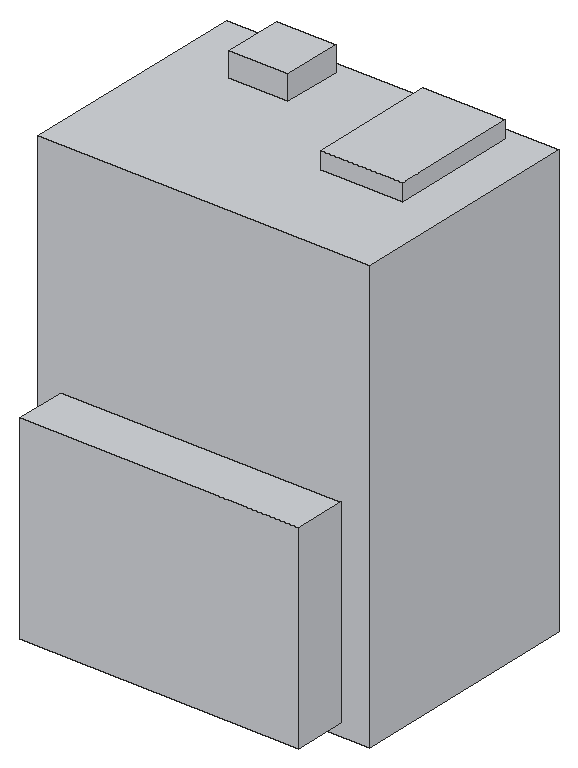
Revit family "M_Unidade de serpentina de ventilador - Vertical - Correia - CHW", category Equipamento mecânico, Revit 2019
Family settings
  Cota do conector redondo = Usar raio
  Tipo de parte = Normal
  Número OmniClass = 23.75.70.17.27
  Título OmniClass = Fan Coil Units
  ID de item do Seek = Fan Coil Unit - Vertical - Belt Drive - CHW-0000-CAN-ENU
  Com base no plano de trabalho = Não
  Sempre na vertical = Sim
  Corte com vazios quando carregada = Não
  Compartilhado = Não
  Ponto de cálculo do ambiente = Não
Parameters (values of type "282 LPS")
  Voltagem = 120 V
  Largura da unidade = 508 mm
  Comprimento da unidade = 712.8 mm
  Altura da unidade = 927.1 mm
  Capacidade de resfriamento total = 5714.89 W
  Largura do ar de fornecimento = 175 mm
  Altura do ar de fornecimento = 275 mm
  Capacidade de resfriamento perceptível = 4249.53 W
  Largura do ar de retorno = 600 mm
  Altura do ar de retorno = 425 mm
  Número de pólos = 1
  Fluxo de ar nominal [instance] = 283.17 L/s
  Classificação de carga = Refrigeração
  Queda de pressão da água do aquecimento [instance] = 77910.8 Pa
  Fluxo de água do aquecimento [instance] = 0.13 L/s
  Capacidade de aquecimento = 13745 W
  Pressão estática externa [instance] = 74.65 Pa
  Fluxo da drenagem [instance] = 0.0 L/s
  Raio da água resfriada = 20 mm
  Queda de pressão da água resfriada [instance] = 77910.8 Pa
  Fluxo da água resfriada [instance] = 0.19 L/s
  Diâmetro da água resfriada = Raio da água resfriada * 2  # 40 mm
  Material CFU = none
  C6 Deslocamento 1 = 95.3 mm
  C4 Deslocamento 2 = 177.8 mm
  C4 Deslocamento 1 = 393.7 mm
  C3 Deslocamento 2 = 88.9 mm
  C3 Deslocamento 1 = 177.8 mm
  C2 Deslocamento 2 = 323.9 mm
  C1 Deslocamento 2 = 155.6 mm
  C1 Deslocamento 1 = 150.8 mm
  Carga aparente = 3413 VA
Types (9, lengths in mm): name | Voltagem | Largura da unidade | Comprimento da unidade | Altura da unidade | Capacidade de resfriamento total | Largura do ar de fornecimento | Altura do ar de fornecimento | Capacidade de resfriamento perceptível | Largura do ar de retorno | Altura do ar de retorno | Fluxo de ar nominal | Queda de pressão da água do aquecimento | Fluxo de água do aquecimento | Capacidade de aquecimento | Raio da água resfriada | Queda de pressão da água resfriada | Fluxo da água resfriada | Diâmetro da água resfriada | C6 Deslocamento 1 | C4 Deslocamento 2 | C4 Deslocamento 1 | C3 Deslocamento 2 | C3 Deslocamento 1 | C2 Deslocamento 2 | C1 Deslocamento 2 | Carga aparente
  (no name) | 120 V | 508 | 712.8 | 927.1 | 5714.89 W | 175 | 275 | 4249.53 W | 600 | 425 | 283.17 L/s | 77910.8 Pa | 0.13 L/s | 13745 W | 20 | 77910.8 Pa | 0.19 L/s | 40 | 95.3 | 177.8 | 393.7 | 88.9 | 177.8 | 323.9 | 155.6 | 3413 VA
  282 LPS | 120 V | 508 | 712.8 | 927.1 | 5714.89 W | 175 | 275 | 4249.53 W | 600 | 425 | 283.17 L/s | 77910.8 Pa | 0.13 L/s | 13745 W | 20 | 77910.8 Pa | 0.19 L/s | 40 | 95.3 | 177.8 | 393.7 | 88.9 | 177.8 | 323.9 | 155.6 | 3413 VA
  376 LPS | 120 V | 508 | 712.8 | 927.1 | 7297.47 W | 225 | 275 | 5451.12 W | 600 | 425 | 377.56 L/s | 138584.6 Pa | 0.13 L/s | 13745 W | 20 | 138584.6 Pa | 0.25 L/s | 40 | 95.3 | 177.8 | 393.7 | 88.9 | 177.8 | 323.9 | 155.6 | 3413 VA
  470 LPS | 120 V | 558.8 | 941.4 | 1000.1 | 10140.3 W | 200 | 300 | 7297.47 W | 850 | 450 | 471.95 L/s | 246832.3 Pa | 0.13 L/s | 13745 W | 20 | 246832.3 Pa | 0.32 L/s | 40 | 139.7 | 177.8 | 435 | 130.2 | 177.8 | 365.1 | 196.9 | 3413 VA
  564 LPS | 120 V | 558.8 | 941.4 | 1000.1 | 11664.2 W | 250 | 300 | 8469.75 W | 850 | 450 | 566.34 L/s | 355080.0 Pa | 0.19 L/s | 20075.4 W | 20 | 355080.0 Pa | 0.38 L/s | 40 | 139.7 | 177.8 | 435 | 130.2 | 177.8 | 365.1 | 196.9 | 5119.5 VA
  752 LPS | 120 V | 558.8 | 1195.4 | 1000.1 | 15943.1 W | 350 | 325 | 11459.1 W | 1100 | 450 | 755.12 L/s | 298543.0 Pa | 0.19 L/s | 25702.3 W | 25 | 298543.0 Pa | 0.57 L/s | 50 | 419.1 | 177.8 | 304.8 | 269.9 | 244.5 | 396.9 | 196.9 | 8532.5 VA
  940 LPS | 120 V | 609.6 | 1220.8 | 1146.2 | 20104.7 W | 325 | 350 | 14331.2 W | 1100 | 550 | 943.89 L/s | 499869.9 Pa | 0.25 L/s | 30743.2 W | 25 | 499869.9 Pa | 0.69 L/s | 50 | 452.4 | 177.8 | 338.1 | 303.2 | 244.5 | 462 | 198.4 | 11945.5 VA
  1410 LPS | 120 V | 711.2 | 1220.8 | 1376.4 | 30127.7 W | 400 | 350 | 21570 W | 1100 | 750 | 1415.84 L/s | 317158.8 Pa | 0.38 L/s | 43726.2 W | 40 | 317158.8 Pa | 1.07 L/s | 80 | 409.6 | 203.2 | 417.5 | 357.2 | 244.5 | 668.3 | 150.8 | 20478 VA
  1880 LPS | 208 V | 711.2 | 1576.4 | 1463.7 | 43345.2 W | 425 | 400 | 30098.4 W | 1450 | 750 | 1887.79 L/s | 777039.1 Pa | 0.44 L/s | 53456.2 W | 40 | 777039.1 Pa | 1.58 L/s | 80 | 581 | 203.2 | 417.5 | 357.2 | 244.5 | 668.3 | 150.8 | 20478 VA
Reference planes
  plane 1 "Centro (Frente/Trás)": y = 0
  plane 2: z = 0
  plane 3 "Centro (Esquerda/Direita)": x = 0
  plane 4: x = 712.8
  plane 5: y = 508
  plane 6: y = 482.6
  plane 7: x = 617.5
  plane 8: x = 442.5
  plane 9: y = 207.6
  plane 10: z = 927.1
  plane 11: z = 25.4
  plane 12: x = 50.8
  plane 13: x = 650.8
  plane 14: z = 450.4
  plane 15: y = -111.125
  plane 16: z = 963.613
  plane 17: z = 979.488
  plane 18: x = 253.588
  plane 19: y = 355.6
  plane 20: x = 126.588
  plane 21: x = -25.4
  plane 22: z = 155.6
  plane 23: y = 150.8
  plane 24: y = 68.262
  plane 25: z = 323.9
  plane 26: y = 177.8
  plane 27: z = 88.9
  plane 28: y = 393.7
  plane 29: z = 177.8
  plane 30: y = 219.075
  plane 31: z = 41.275
Forms (mm)
  Extrusion 1, solid, material <- "Material CFU"
    sketch origin (0, 0, 0) x (1, 0, 0) y (0, 1, 0)
      loop
        line (0, 508) -> (0, 0) -> (712.8, 0) -> (712.8, 508) -> (0, 508)
    from 0 to 927.1
  Extrusion 2, solid, material <- "Material CFU"
    sketch origin (0, 0, 0) x (1, 0, 0) y (0, 0, 1)
      loop
        line (50.8, 450.4) -> (50.8, 25.4) -> (650.8, 25.4) -> (650.8, 450.4) -> (50.8, 450.4)
    from 0 to 111.125
  Extrusion 3, solid, material <- "Material CFU"
    sketch origin (0, 0, 0) x (1, 0, 0) y (0, 1, 0)
      loop
        line (442.5, 482.6) -> (442.5, 207.6) -> (617.5, 207.6) -> (617.5, 482.6) -> (442.5, 482.6)
    from 927.1 to 963.613
  Extrusion 4, solid, material <- "Material CFU"
    sketch origin (0, 0, 0) x (1, 0, 0) y (0, 1, 0)
      loop
        line (126.588, 482.6) -> (126.588, 355.6) -> (253.588, 355.6) -> (253.588, 482.6) -> (126.588, 482.6)
    from 927.1 to 979.488
  Extrusion 5, solid, material <- "Material CFU"
    sketch origin (0, 0, 0) x (0, 1, 0) y (0, 0, 1)
      loop
        circle (150.8, 155.6) r 20
    from -25.4 to 0
  Extrusion 6, solid, material <- "Material CFU"
    sketch origin (0, 0, 0) x (0, 1, 0) y (0, 0, 1)
      loop
        circle (68.262, 323.9) r 20
    from -25.4 to 0
  Extrusion 7, solid, material <- "Material CFU"
    sketch origin (0, 0, 0) x (0, 1, 0) y (0, 0, 1)
      loop
        circle (177.8, 88.9) r 6.35
    from -25.4 to 0
  Extrusion 8, solid, material <- "Material CFU"
    sketch origin (0, 0, 0) x (0, 1, 0) y (0, 0, 1)
      loop
        circle (393.7, 177.8) r 6.35
    from -25.4 to 0
  Extrusion 9, solid, material <- "Material CFU"
    sketch origin (0, 0, 0) x (0, 1, 0) y (0, 0, 1)
      loop
        circle (219.075, 41.275) r 9.525
    from -25.4 to 0
Cuts and joins
  joined: Extrusion 1, Extrusion 2, Extrusion 3, Extrusion 4, Extrusion 5, Extrusion 6, Extrusion 7, Extrusion 8, Extrusion 9
Dimensions and locks
  "Comprimento da unidade": plane 3 "Centro (Esquerda/Direita)" to plane 4
  "Largura da unidade": plane 5 to plane 1 "Centro (Frente/Trás)"
  locked: plane 5 to plane 6 at 25.4
  "C6 Deslocamento 1": plane 7 to plane 4
  "Largura do ar de fornecimento": plane 8 to plane 7
  "Altura do ar de fornecimento": plane 6 to plane 9
  "Altura da unidade": plane 10 to plane 2
  locked: plane 11 to plane 2 at 25.4
  locked: plane 3 "Centro (Esquerda/Direita)" to plane 12 at 50.8
  "Largura do ar de retorno": plane 13 to plane 12
  "Altura do ar de retorno": plane 14 to plane 11
  locked: plane 16 to plane 10 at 36.513
  locked: plane 17 to plane 10 at 52.388
  locked: plane 18 to plane 8 at 188.913
  locked: plane 6 to plane 19 at 127
  locked: plane 20 to plane 18 at 127
  locked: plane 1 "Centro (Frente/Trás)" to plane 15 at 111.125
  locked: plane 21 to plane 3 "Centro (Esquerda/Direita)" at 25.4
  "C1 Deslocamento 2": plane 2 to plane 22
  "C1 Deslocamento 1": plane 23 to plane 1 "Centro (Frente/Trás)"
  locked: plane 24 to plane 1 "Centro (Frente/Trás)" at 68.263
  "C2 Deslocamento 2": plane 2 to plane 25
  "C3 Deslocamento 1": plane 26 to plane 1 "Centro (Frente/Trás)"
  "C3 Deslocamento 2": plane 27 to plane 2
  "C4 Deslocamento 1": plane 28 to plane 1 "Centro (Frente/Trás)"
  "C4 Deslocamento 2": plane 29 to plane 2
  locked: plane 30 to plane 1 "Centro (Frente/Trás)" at 219.075
  locked: plane 31 to plane 2 at 41.275
  "Raio da água resfriada": radius of Extrusion 5 sketch curve
  "Raio da água resfriada": radius of Extrusion 6 sketch curve
  radius of Extrusion 8 sketch curve = 6.35 mm
  radius of Extrusion 9 sketch curve = 9.525 mm
  aligned and locked: plane 3 "Centro (Esquerda/Direita)" to Extrusion 1 sketch curve
  aligned and locked: Extrusion 1 sketch curve to plane 1 "Centro (Frente/Trás)"
  aligned and locked: Extrusion 1 sketch curve to plane 4
  aligned and locked: Extrusion 1 to plane 2
  aligned and locked: plane 10 to Extrusion 1
  aligned and locked: Extrusion 2 sketch curve to plane 14
  aligned and locked: Extrusion 2 sketch curve to plane 12
  aligned and locked: Extrusion 2 sketch curve to plane 13
  aligned and locked: plane 11 to Extrusion 2 sketch curve
  aligned and locked: Extrusion 2 to plane 1 "Centro (Frente/Trás)"
  aligned and locked: Extrusion 2 to plane 15
  aligned and locked: Extrusion 3 sketch curve to plane 7
  aligned and locked: plane 9 to Extrusion 3 sketch curve
  aligned and locked: plane 8 to Extrusion 3 sketch curve
  aligned and locked: Extrusion 3 sketch curve to plane 6
  aligned and locked: plane 16 to Extrusion 3
  aligned and locked: Extrusion 3 to plane 10
  aligned and locked: Extrusion 4 sketch curve to plane 18
  aligned and locked: plane 19 to Extrusion 4 sketch curve
  aligned and locked: plane 20 to Extrusion 4 sketch curve
  aligned and locked: Extrusion 4 sketch curve to plane 6
  aligned and locked: plane 17 to Extrusion 4
  aligned and locked: Extrusion 4 to plane 10
  aligned and locked: plane 22 to Extrusion 5 sketch curve
  aligned and locked: plane 23 to Extrusion 5 sketch curve
  aligned and locked: plane 25 to Extrusion 6 sketch curve
  aligned and locked: Extrusion 6 sketch curve to plane 24
  aligned and locked: Extrusion 5 to plane 3 "Centro (Esquerda/Direita)"
  aligned and locked: Extrusion 5 to plane 21
  aligned and locked: Extrusion 6 to plane 3 "Centro (Esquerda/Direita)"
  aligned and locked: Extrusion 6 to plane 21
  aligned and locked: Extrusion 7 sketch curve to plane 27
  aligned and locked: plane 26 to Extrusion 7 sketch curve
  aligned and locked: Extrusion 7 to plane 21
  aligned and locked: plane 3 "Centro (Esquerda/Direita)" to Extrusion 7
  aligned and locked: plane 29 to Extrusion 8 sketch curve
  aligned and locked: plane 28 to Extrusion 8 sketch curve
  aligned and locked: Extrusion 8 to plane 21
  aligned and locked: plane 3 "Centro (Esquerda/Direita)" to Extrusion 8
  aligned and locked: plane 31 to Extrusion 9 sketch curve
  aligned and locked: plane 30 to Extrusion 9 sketch curve
  aligned and locked: Extrusion 9 to plane 21
  aligned and locked: plane 3 "Centro (Esquerda/Direita)" to Extrusion 9
  aligned and locked: Extrusion 1 sketch curve to plane 5
Automatic sketch dimensions
  radius of Extrusion 7 sketch curve = 6.35 mm
Connectors
  piping at (-25.4, 150.8, 155.6), diameter 40, driven by "Raio da água resfriada", driven by "Fluxo da água resfriada"
    settings: on cut or joined group 1 (Extrusion 1, Extrusion 2, Extrusion 3, Extrusion 4, Extrusion 5, Extrusion 6, Extrusion 7, Extrusion 8, Extrusion 9), index 1, connector inside diameter 40 mm, connector length 0 mm, flow factor 0, pipe flow 0.19 L/s, pressure drop 0.0 Pa, fitting loss kfactor 0, connector angle 0.00°, fixture units 0, engagement length 0 mm, angle of deflection 0.00°, flow configuration 1, flow direction 1, fitting loss method 4, system type 7, joint type 0, gender type 0, connector reference index 2, connector utility 0, adjustable connector no, is connector primary yes, connector description "Água resfriada,Entrada"
  piping at (-25.4, 68.262, 323.9), diameter 40, driven by "Raio da água resfriada", driven by "Fluxo da água resfriada", driven by "Queda de pressão da água resfriada"
    settings: on cut or joined group 1, index 2, connector inside diameter 40 mm, connector length 0 mm, flow factor 0, pipe flow 0.19 L/s, pressure drop 77910.8 Pa, fitting loss kfactor 0, connector angle 0.00°, fixture units 0, engagement length 0 mm, angle of deflection 0.00°, flow configuration 1, flow direction 2, fitting loss method 4, system type 8, joint type 0, gender type 0, connector reference index 1, connector utility 0, adjustable connector no, is connector primary no, connector description "Água resfriada,Saída"
  piping at (-25.4, 177.8, 88.9), diameter 12.7, driven by "Fluxo de água do aquecimento"
    settings: on cut or joined group 1, index 3, connector inside diameter 12.7 mm, connector length 0 mm, flow factor 0, pipe flow 0.13 L/s, pressure drop 0.0 Pa, fitting loss kfactor 0, connector angle 0.00°, fixture units 0, engagement length 0 mm, angle of deflection 0.00°, flow configuration 1, flow direction 1, fitting loss method 4, system type 7, joint type 0, gender type 0, connector reference index 4, connector utility 0, adjustable connector no, is connector primary no, connector description "Água do aquecimento,Entrada"
  piping at (-25.4, 393.7, 177.8), diameter 12.7, driven by "Fluxo de água do aquecimento", driven by "Queda de pressão da água do aquecimento"
    settings: on cut or joined group 1, index 4, connector inside diameter 12.7 mm, connector length 0 mm, flow factor 0, pipe flow 0.13 L/s, pressure drop 77910.8 Pa, fitting loss kfactor 0, connector angle 0.00°, fixture units 0, engagement length 0 mm, angle of deflection 0.00°, flow configuration 1, flow direction 2, fitting loss method 4, system type 8, joint type 0, gender type 0, connector reference index 3, connector utility 0, adjustable connector no, is connector primary no, connector description "Água do aquecimento,Saída"
  piping at (-25.4, 219.075, 41.275), diameter 19.05, driven by "Fluxo da drenagem"
    settings: on cut or joined group 1, index 5, connector inside diameter 19.05 mm, connector length 0 mm, flow factor 0, pipe flow 0.0 L/s, pressure drop 0.0 Pa, fitting loss kfactor 0, connector angle 0.00°, fixture units 0, engagement length 0 mm, angle of deflection 0.00°, flow configuration 1, flow direction 2, fitting loss method 0, system type 16, joint type 0, gender type 0, connector reference index -1, connector utility 0, adjustable connector yes, is connector primary no, connector description "Drenagem,Saída"
  hvac at (530, 345.1, 963.612), driven by "Fluxo de ar nominal", driven by "Altura do ar de fornecimento", driven by "Largura do ar de fornecimento"
    settings: on Extrusion 3, index 6, duct flow 283.17 L/s, flow factor 0, pres drop 0.0 Pa, loss coef 0, conn angle 0.00°, conn width 175 mm, conn height 275 mm, conn diameter 609.6 mm, duct sys type 1, conn prof type 1, flow config 0, flow direction 2, loss method 0, conn ref index 7, conn util no, is conn primary yes, conn desc ""
  hvac at (350.8, -111.125, 237.9), driven by "Fluxo de ar nominal", driven by "Altura do ar de retorno", driven by "Largura do ar de retorno"
    settings: on cut or joined group 1, index 7, duct flow 283.17 L/s, flow factor 0, pres drop 0.0 Pa, loss coef 0, conn angle 0.00°, conn width 600 mm, conn height 425 mm, conn diameter 609.6 mm, duct sys type 2, conn prof type 1, flow config 0, flow direction 1, loss method 0, conn ref index 6, conn util no, is conn primary no, conn desc ""
  electrical at (190.088, 419.1, 979.487), driven by "Carga aparente", driven by "Voltagem", driven by "Número de pólos", driven by "Classificação de carga"
    settings: on Extrusion 4, index 8, voltage 120 V, apparent load 3413 VA, apparent load phase1 0 VA, apparent load phase2 0 VA, apparent load phase3 0 VA, power factor 0.8, load classification "Refrigeração", number of poles 1, system type 30, power factor state 1, is connector primary yes, connector utility no, sub classification motor no, connector description ""
